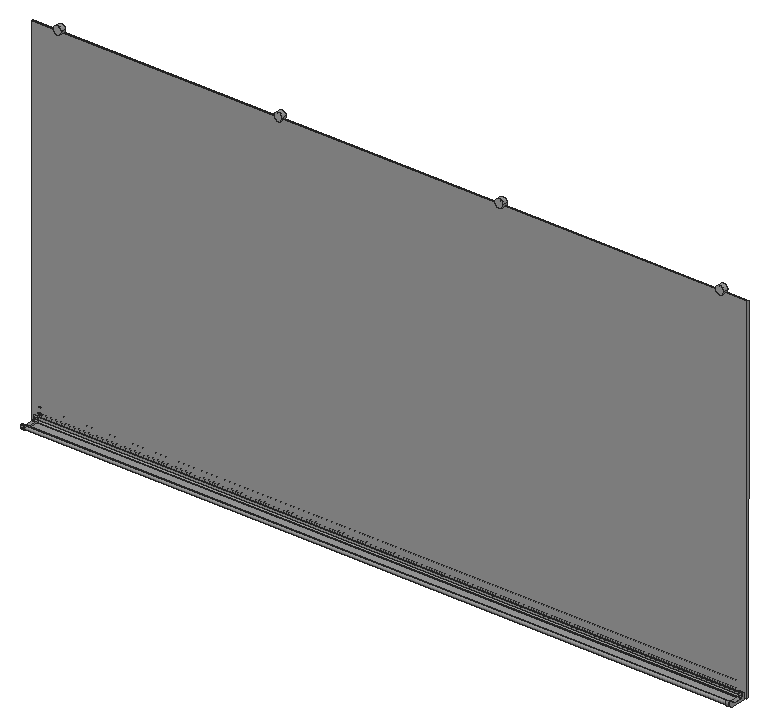
Revit family "Rapport Glass Wall 4x8", category Generic Models, Revit 2018
Family settings
  Can host rebar = No
  Round Connector Dimension = Use Diameter
  Part Type = Normal
  Work Plane-Based = No
  Always vertical = Yes
  Cut with Voids When Loaded = No
  Shared = No
  Room Calculation Point = No
Parameters
  Panel = Rapport Glass Wall 4x8 Panel
Reference planes (in)
  plane 1 "Center (Front/Back)": y = 0
  plane 2: z = 0
  plane 3 "Center (Left/Right)": x = 0
Forms (in)
  Extrusion 1, solid, material "Rapport Glass Wall Trim Metal"
    sketch origin (-35.62205, 0, 18) x (0, 1, 0) y (0, 0, 1)
      loop
        line (-0.28802, 12.71551) -> (-0.28802, 12.22363) -> (-0.48802, 12.22363) -> (-0.48802, 12.77363) -> (-0.60087, 12.77363)
        arc (-0.60087, 12.77363) -> (-0.62209, 12.76485) -> (-0.63087, 12.74363) r 0.03
        line (-0.63087, 12.74363) -> (-0.63087, 12.45418)
        arc (-0.63087, 12.45418) -> (-0.67788, 12.32564) -> (-0.79672, 12.25776) r 0.19924
        arc (-0.79672, 12.25776) -> (-0.86084, 12.24904) -> (-0.92548, 12.24613) r 0.7187
        line (-0.92548, 12.24613) -> (-1.97548, 12.24613)
        arc (-1.97548, 12.24613) -> (-2.26159, 12.30205) -> (-2.50559, 12.4616) r 0.75985
        arc (-2.50559, 12.4616) -> (-2.80704, 12.55283) -> (-2.79142, 12.23827) r 0.19261
        arc (-2.79142, 12.23827) -> (-2.48945, 12.06146) -> (-2.14496, 12) r 0.99607
        line (-2.14496, 12) -> (0, 12) -> (0, 12.30193)
        arc (0, 12.30193) -> (-0.0275, 12.32943) -> (-0.055, 12.30193) r 0.0275
        line (-0.055, 12.30193) -> (-0.055, 12.20843) -> (-0.20802, 12.20843) -> (-0.20802, 12.69439) -> (-0.0848, 12.81762)
        arc (-0.0848, 12.81762) -> (-0.06815, 12.82253) -> (-0.055, 12.81121) r 0.01814
        line (-0.055, 12.81121) -> (-0.055, 12.65693)
        arc (-0.055, 12.65693) -> (-0.0275, 12.62943) -> (0, 12.65693) r 0.0275
        line (0, 12.65693) -> (0, 13.70847)
        arc (0, 13.70847) -> (-0.03996, 13.74843) -> (-0.07993, 13.70847) r 0.03996
        line (-0.07993, 13.70847) -> (-0.07993, 13.62094)
        arc (-0.07993, 13.62094) -> (-0.07047, 13.60109) -> (-0.05, 13.59302) r 0.03
        line (-0.05, 13.59302) -> (-0.05, 13.15338)
        arc (-0.05, 13.15338) -> (-0.07121, 13.14459) -> (-0.08, 13.12338) r 0.03
        line (-0.08, 13.12338) -> (-0.08, 12.92353) -> (-0.28802, 12.71551)
    from -11.31295 to 82.55705
  Extrusion 2, solid, material "Rapport Glass Wall 4x8 Panel" <- "Panel"
    sketch origin (-35.62205, 0, -5.35978) x (0, 1, 0) y (0, 0, 1)
      loop
        line (-0.48802, 35.58341) -> (-0.28802, 35.58341) -> (-0.28802, 82.8275) -> (-0.48802, 82.8275) -> (-0.48802, 35.58341)
    from -11.81795 to 83.06205
  Extrusion 3, solid, material "Rapport Glass Wall Trim Black"
    sketch origin (-0.74473, 0, 18) x (0, 1, 0) y (0, 0, -1)
      loop
        line (-0.48802, -12.80488) -> (-0.48802, -11.96875) -> (-2.14496, -11.96875)
        arc (-2.14496, -11.96875) -> (-2.49924, -12.03177) -> (-2.81005, -12.2131) r 1.02732
        arc (-2.81005, -12.2131) -> (-2.82851, -12.57569) -> (-2.47857, -12.47895) r 0.22386
        arc (-2.47857, -12.47895) -> (-2.24646, -12.32965) -> (-1.97548, -12.27738) r 0.7286
        line (-1.97548, -12.27738) -> (-0.92548, -12.27738)
        arc (-0.92548, -12.27738) -> (-0.86355, -12.28017) -> (-0.80213, -12.28853) r 0.68745
        arc (-0.80213, -12.28853) -> (-0.70181, -12.34573) -> (-0.66212, -12.45418) r 0.16799
        line (-0.66212, -12.45418) -> (-0.66212, -12.74363)
        arc (-0.66212, -12.74363) -> (-0.64418, -12.78694) -> (-0.60087, -12.80488) r 0.06125
        line (-0.60087, -12.80488) -> (-0.48802, -12.80488)
    from 45.75863 to 46.29027
  Extrusion 4, solid, material "Rapport Glass Wall Trim Metal"
    sketch origin (-12, 0, 0) x (1, 0, 0) y (0, 0, 1)
      loop
        circle (-31.93088, 77.61709) r 0.53038
    from 0 to 0.61802
  Extrusion 5, solid, material "Rapport Glass Wall Trim Black"
    sketch origin (0.74473, 0, 18) x (0, 1, 0) y (0, 0, 1)
      loop
        line (-0.48802, 12.80488) -> (-0.60087, 12.80488)
        arc (-0.60087, 12.80488) -> (-0.64418, 12.78694) -> (-0.66212, 12.74363) r 0.06125
        line (-0.66212, 12.74363) -> (-0.66212, 12.45418)
        arc (-0.66212, 12.45418) -> (-0.70181, 12.34573) -> (-0.80213, 12.28853) r 0.16799
        arc (-0.80213, 12.28853) -> (-0.86355, 12.28017) -> (-0.92548, 12.27738) r 0.68745
        line (-0.92548, 12.27738) -> (-1.97548, 12.27738)
        arc (-1.97548, 12.27738) -> (-2.24646, 12.32965) -> (-2.47857, 12.47895) r 0.7286
        arc (-2.47857, 12.47895) -> (-2.82851, 12.57569) -> (-2.81005, 12.2131) r 0.22386
        arc (-2.81005, 12.2131) -> (-2.49924, 12.03177) -> (-2.14496, 11.96875) r 1.02732
        line (-2.14496, 11.96875) -> (-0.48802, 11.96875) -> (-0.48802, 12.80488)
    from 45.75863 to 46.29027
  Extrusion 6, solid, material "Rapport Glass Wall Trim Metal"
    sketch origin (75.86176, 0, 0) x (1, 0, 0) y (0, 0, 1)
      loop
        circle (-31.93088, 77.61709) r 0.53038
    from 0 to 0.61802
  Extrusion 7, solid, material "Rapport Glass Wall Trim Metal"
    sketch origin (17.28725, 0, 0) x (1, 0, 0) y (0, 0, 1)
      loop
        circle (-31.93088, 77.61709) r 0.53038
    from 0 to 0.61802
  Extrusion 8, solid, material "Rapport Glass Wall Trim Metal"
    sketch origin (46.57451, 0, 0) x (1, 0, 0) y (0, 0, 1)
      loop
        circle (-31.93088, 77.61709) r 0.53038
    from 0 to 0.61802
Dimensions and locks (in)
  equal spacing: group 1, group 3, group 4, group 2  (x3)
  aligned and locked: plane 2 to level
